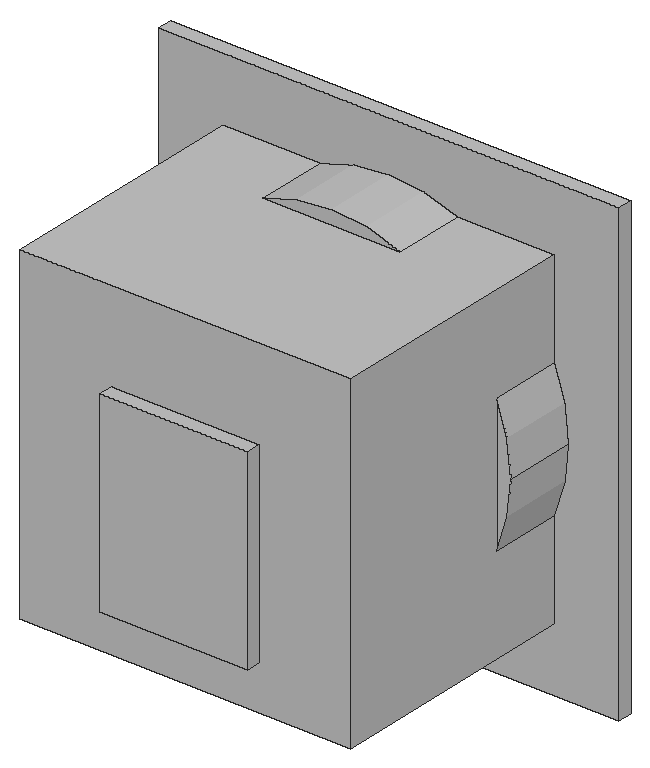
Revit family "ewf_ewg_ewh_ewj-20_105a_b_y_sa2_ta(40a)2(-60)_60Hz", category 機械設備, Revit 2019
Family settings
  丸型コネクタ寸法 = 直径を使用
  パーツ タイプ = 標準
  OmniClass 番号 = 23.75.35.21.17
  OmniClass タイトル = Industrial Ventilating Equipment
  作業面ベース = いいえ
  常に垂直 = はい
  ロード時にボイドで切り取り = はい
  共有 = いいえ
  部屋計算ポイント = はい
Parameters (values of type "EWF-20YSA2")
  騒音レベル(dB(A)) [instance] = 31
  風量 [instance] = 設計風量  # 0.0 m³/h
  電源種別 [instance] = ""
  電圧 = 100 V
  電動機出力 = 15 W
  電動機_種別 [instance] = ""
  銘板表示 = not(モーター表示)  # yes
  銘板_Width = 102.6 mm
  銘板_Height = 136 mm
  銘板_H = 52 mm
  運転質量 = 0.00 kg
  連動 [instance] = ""
  質量 = if(製品質量 > 運転質量, 製品質量, 運転質量) * 1.2  # 3.84 kg
  負荷分類 = 3_ファン類
  説明 = "産業用有圧換気扇 低騒音形 排気専用"
  設計風量 [instance] = 0.0 m³/h
  設置方法 = "壁付"
  記号 [instance] = ""
  製造元 = "三菱電機株式会社"
  製品質量 = 3.20 kg
  製品出荷対象 = "国内"
  製品リリース年月 = "2022年6月1日"
  製品グループ = ""
  羽根径 = "∅200"
  レグ_Depth = 187 mm
  系統 [instance] = ""
  符号 [instance] = if(☑給気／□排気, "FS", "FE")  # "FE"
  積算_科目 = ""
  積算_拾い区分 [instance] = ""
  相 = 1
  盤記号 [instance] = ""
  盤工事区分 = ""
  発停方法 [instance] = ""
  特殊仕様 [instance] = ""
  火災停止 [instance] = ""
  消費電力 = 28 W
  法定耐用年数 = "15"
  極数 = 2
  極 = 4
  材質 [instance] = ""
  操作・制御方式 = ""
  操作・制御スイッチ = ""
  排気量 [instance] = if(☑給気／□排気, 0.0 m³/h, 設計風量)  # 0.0 m³/h
  形式 = ""
  幹線記号 [instance] = ""
  対象室 [instance] = ""
  実風量 [instance] = 0.0 m³/h
  始動方式 [instance] = "直入"
  外気量 [instance] = if(☑給気／□排気, 設計風量, 0.0 m³/h)  # 0.0 m³/h
  呼称 = "有圧扇"
  周波数 = 60 Hz
  参照している仕様書等のバージョン = ""
  分類コード = "50052503100110"
  分類グループ = ""
  価格 = 41300
  企業コード = "108420"
  付属品_防振装置 = ""
  付属品 [instance] = ""
  仕様書バージョン = "Version1.0"
  レグ_Width = 230 mm
  レグ_Height = 230 mm
  モーター径 = 5 mm
  モーター表示 = no
  モデル = "EWF-20YSA2"
  フレームの厚さ = 10 mm
  ファンの種類 = "軸流羽根"
  コメント [instance] = ""
  Keynote = ""
  オリフィス_Depth = 60 mm
  ☑給気／□排気 [instance] = no
  Width = 320 mm
  Version = ""
  Uniclass2015Version = "Systems v1.9"
  Uniclass2015Title = "Propeller fans"
  Uniclass2015Code = "Pr_65_67_29_67"
  URL = "https://www.mitsubishielectric.co.jp/ldg/wink/ssl/displayProduct.do?pid=318606"
  SpecificationReference = ""
  SpecificationDescription = ""
  Revision = ""
  ProductInformation = ""
  OmniClassCode = "23-33 31 19 11 17"
  MIN風量 = 0.0 m³/h
  MID風量 = 0.0 m³/h
  MAX風量 = 780.0 m³/h
  IfcTypeProduct = ""
  IfcProduct = ""
  IfcExportType = "TUBEAXIAL"
  IfcExportAs = "IfcFanType"
  Height = 320 mm
  オリフィス径 = 249 mm
  Depth = 197 mm
  Author = "三菱電機株式会社"
Types (68, lengths in mm): name | 騒音レベル(dB(A)) | 電圧 | 電動機出力 | 銘板表示 | 銘板_Width | 銘板_Height | 銘板_H | 質量 | 製品質量 | 羽根径 | レグ_Depth | 相 | 消費電力 | 極数 | 極 | 価格 | レグ_Width | レグ_Height | モーター径 | モーター表示 | モデル | フレームの厚さ | オリフィス_Depth | Width | URL | MAX風量 | Height | オリフィス径 | Depth
  EWF-20YSA2 | 31 | 100 V | 15 W | yes | 102.6 | 136 | 52 | 3.84 kg | 3.20 kg | "∅200" | 187 | 1 | 28 W | 2 | 4 | 41300 | 230 | 230 | 5 | no | "EWF-20YSA2" | 10 | 60 | 320 | "https://www.mitsubishielectric.co.jp/ldg/wink/ssl/displayProduct.do?pid=318606" | 780.0 m³/h | 320 | 249 | 197
  EWF-25ASA2 | 34.5 | 100 V | 25 W | yes | 120 | 153 | 60 | 4.68 kg | 3.90 kg | "∅250" | 184.8 | 1 | 50 W | 2 | 4 | 44000 | 280 | 280 | 5 | no | "EWF-25ASA2" | 10 | 65 | 370 | "https://www.mitsubishielectric.co.jp/ldg/wink/ssl/displayProduct.do?pid=318608" | 1320.0 m³/h | 370 | 310 | 201
  EWF-30BSA2 | 39.5 | 100 V | 50 W | yes | 120 | 153 | 60 | 6.84 kg | 5.70 kg | "∅300" | 180.5 | 1 | 65 W | 2 | 4 | 56400 | 330 | 330 | 5 | no | "EWF-30BSA2" | 10 | 69 | 420 | "https://www.mitsubishielectric.co.jp/ldg/wink/ssl/displayProduct.do?pid=318800" | 1980.0 m³/h | 420 | 359 | 197
  EWF-35CSA2 | 42.5 | 100 V | 100 W | yes | 120 | 153 | 60 | 7.92 kg | 6.60 kg | "∅350" | 189.8 | 1 | 113 W | 2 | 4 | 75000 | 385 | 385 | 5 | no | "EWF-35CSA2" | 10 | 93 | 470 | "https://www.mitsubishielectric.co.jp/ldg/wink/ssl/displayProduct.do?pid=318806" | 2880.0 m³/h | 470 | 419 | 208
  EWF-35DSA2 | 45.5 | 100 V | 150 W | yes | 148 | 181 | 73 | 11.28 kg | 9.40 kg | "∅350" | 226.9 | 1 | 175 W | 2 | 4 | 82500 | 385 | 385 | 5 | no | "EWF-35DSA2" | 10 | 93 | 470 | "https://www.mitsubishielectric.co.jp/ldg/wink/ssl/displayProduct.do?pid=318758" | 3600.0 m³/h | 470 | 419 | 259
  EWF-40DSA2 | 46 | 100 V | 200 W | yes | 148 | 181 | 73 | 14.52 kg | 12.10 kg | "∅400" | 237.4 | 1 | 202 W | 2 | 4 | 97000 | 413 | 413 | 5 | no | "EWF-40DSA2" | 10 | 99 | 520 | "https://www.mitsubishielectric.co.jp/ldg/wink/ssl/displayProduct.do?pid=318764" | 4320.0 m³/h | 520 | 480 | 266
  EWG-40BSA2 | 36 | 100 V | 50 W | yes | 120 | 153 | 60 | 10.08 kg | 8.40 kg | "∅400" | 207 | 1 | 70 W | 2 | 6 | 81100 | 413 | 413 | 5 | no | "EWG-40BSA2" | 10 | 99 | 520 | "https://www.mitsubishielectric.co.jp/ldg/wink/ssl/displayProduct.do?pid=319071" | 2700.0 m³/h | 520 | 480 | 223
  EWG-40CSA2 | 39.5 | 100 V | 100 W | yes | 148 | 181 | 73 | 14.64 kg | 12.20 kg | "∅400" | 256.4 | 1 | 131 W | 2 | 6 | 94900 | 413 | 413 | 5 | no | "EWG-40CSA2" | 10 | 99 | 520 | "https://www.mitsubishielectric.co.jp/ldg/wink/ssl/displayProduct.do?pid=319075" | 3780.0 m³/h | 520 | 480 | 285
  EWF-45ESA2 | 50 | 100 V | 400 W | yes | 178 | 211 | 88 | 22.80 kg | 19.00 kg | "∅450" | 274 | 1 | 390 W | 2 | 4 | 122000 | 522 | 522 | 5 | no | "EWF-45ESA2" | 10 | 111 | 620 | "https://www.mitsubishielectric.co.jp/ldg/wink/ssl/displayProduct.do?pid=319058" | 6370.0 m³/h | 620 | 540 | 307
  EWG-45DSA2 | 44 | 100 V | 200 W | yes | 178 | 211 | 88 | 20.76 kg | 17.30 kg | "∅450" | 274 | 1 | 220 W | 2 | 6 | 111000 | 522 | 522 | 5 | no | "EWG-45DSA2" | 10 | 111 | 620 | "https://www.mitsubishielectric.co.jp/ldg/wink/ssl/displayProduct.do?pid=319080" | 5000.0 m³/h | 620 | 540 | 307
  EWF-25ATA2_200V | 34.5 | 200 V | 25 W | yes | 120 | 153 | 60 | 5.64 kg | 4.70 kg | "∅250" | 184.8 | 3 | 39 W | 3 | 4 | 44000 | 280 | 280 | 5 | no | "EWF-25ATA2" | 10 | 65 | 370 | "https://www.mitsubishielectric.co.jp/ldg/wink/ssl/displayProduct.do?pid=318610" | 1320.0 m³/h | 370 | 310 | 201
  EWF-30BTA2_200V | 39.5 | 200 V | 50 W | yes | 120 | 153 | 60 | 6.84 kg | 5.70 kg | "∅300" | 180.5 | 3 | 64 W | 3 | 4 | 56400 | 330 | 330 | 5 | no | "EWF-30BTA2" | 10 | 69 | 420 | "https://www.mitsubishielectric.co.jp/ldg/wink/ssl/displayProduct.do?pid=318802" | 1980.0 m³/h | 420 | 359 | 197
  EWF-35CTA2_200V | 42.5 | 200 V | 100 W | yes | 120 | 153 | 60 | 7.92 kg | 6.60 kg | "∅350" | 189.8 | 3 | 101 W | 3 | 4 | 75000 | 385 | 385 | 5 | no | "EWF-35CTA2" | 10 | 93 | 470 | "https://www.mitsubishielectric.co.jp/ldg/wink/ssl/displayProduct.do?pid=318754" | 2880.0 m³/h | 470 | 419 | 208
  EWF-35DTA2_200V | 45.5 | 200 V | 150 W | yes | 148 | 181 | 73 | 11.28 kg | 9.40 kg | "∅350" | 226.9 | 3 | 168 W | 3 | 4 | 82500 | 385 | 385 | 5 | no | "EWF-35DTA2" | 10 | 93 | 470 | "https://www.mitsubishielectric.co.jp/ldg/wink/ssl/displayProduct.do?pid=318760" | 3600.0 m³/h | 470 | 419 | 259
  EWF-40DTA2_200V | 46 | 200 V | 200 W | yes | 148 | 181 | 73 | 14.76 kg | 12.30 kg | "∅400" | 237.4 | 3 | 188 W | 3 | 4 | 97000 | 413 | 413 | 5 | no | "EWF-40DTA2" | 10 | 99 | 520 | "https://www.mitsubishielectric.co.jp/ldg/wink/ssl/displayProduct.do?pid=319047" | 4320.0 m³/h | 520 | 480 | 266
  EWF-40ETA2_200V | 49.5 | 200 V | 400 W | no | 5 | 5 | 5 | 16.20 kg | 13.50 kg | "∅400" | 262.4 | 3 | 340 W | 3 | 4 | 106000 | 413 | 413 | 131 | yes | "EWF-40ETA2" | 10 | 99 | 520 | "https://www.mitsubishielectric.co.jp/ldg/wink/ssl/displayProduct.do?pid=319051" | 5520.0 m³/h | 520 | 480 | 291
  EWG-40BTA2_200V | 35 | 200 V | 50 W | yes | 120 | 153 | 60 | 9.72 kg | 8.10 kg | "∅400" | 207 | 3 | 67 W | 3 | 6 | 81100 | 413 | 413 | 5 | no | "EWG-40BTA2" | 10 | 99 | 520 | "https://www.mitsubishielectric.co.jp/ldg/wink/ssl/displayProduct.do?pid=319073" | 2460.0 m³/h | 520 | 480 | 223
  EWG-40CTA2_200V | 39.5 | 200 V | 100 W | no | 5 | 5 | 5 | 14.40 kg | 12.00 kg | "∅400" | 251.3 | 3 | 128 W | 3 | 6 | 94900 | 413 | 413 | 131 | yes | "EWG-40CTA2" | 10 | 99 | 520 | "https://www.mitsubishielectric.co.jp/ldg/wink/ssl/displayProduct.do?pid=319077" | 3780.0 m³/h | 520 | 480 | 280
  EWF-45ETA2_200V | 51 | 200 V | 400 W | no | 5 | 5 | 5 | 20.76 kg | 17.30 kg | "∅450" | 286.4 | 3 | 390 W | 3 | 4 | 122000 | 522 | 522 | 131 | yes | "EWF-45ETA2" | 10 | 111 | 620 | "https://www.mitsubishielectric.co.jp/ldg/wink/ssl/displayProduct.do?pid=319060" | 6700.0 m³/h | 620 | 540 | 315
  EWG-45DTA2_200V | 44 | 200 V | 200 W | no | 5 | 5 | 5 | 18.24 kg | 15.20 kg | "∅450" | 280.4 | 3 | 190 W | 3 | 6 | 111000 | 514 | 514 | 131 | yes | "EWG-45DTA2" | 10 | 111 | 620 | "https://www.mitsubishielectric.co.jp/ldg/wink/ssl/displayProduct.do?pid=319082" | 5100.0 m³/h | 620 | 540 | 309
  EWF-25ATA2_220V | 35 | 220 V | 25 W | yes | 120 | 153 | 60 | 5.64 kg | 4.70 kg | "∅250" | 184.8 | 3 | 45 W | 3 | 4 | 44000 | 280 | 280 | 5 | no | "EWF-25ATA2" | 10 | 65 | 370 | "https://www.mitsubishielectric.co.jp/ldg/wink/ssl/displayProduct.do?pid=318610" | 1320.0 m³/h | 370 | 310 | 201
  EWF-30BTA2_220V | 40 | 220 V | 50 W | yes | 120 | 153 | 60 | 6.84 kg | 5.70 kg | "∅300" | 180.5 | 3 | 69 W | 3 | 4 | 56400 | 330 | 330 | 5 | no | "EWF-30BTA2" | 10 | 69 | 420 | "https://www.mitsubishielectric.co.jp/ldg/wink/ssl/displayProduct.do?pid=318802" | 1980.0 m³/h | 420 | 359 | 197
  EWF-35CTA2_220V | 42.5 | 220 V | 100 W | yes | 120 | 153 | 60 | 7.92 kg | 6.60 kg | "∅350" | 189.8 | 3 | 112 W | 3 | 4 | 75000 | 385 | 385 | 5 | no | "EWF-35CTA2" | 10 | 93 | 470 | "https://www.mitsubishielectric.co.jp/ldg/wink/ssl/displayProduct.do?pid=318754" | 2880.0 m³/h | 470 | 419 | 208
  EWF-35DTA2_220V | 45.5 | 220 V | 150 W | yes | 148 | 181 | 73 | 11.28 kg | 9.40 kg | "∅350" | 226.9 | 3 | 176 W | 3 | 4 | 82500 | 385 | 385 | 5 | no | "EWF-35DTA2" | 10 | 93 | 470 | "https://www.mitsubishielectric.co.jp/ldg/wink/ssl/displayProduct.do?pid=318760" | 3600.0 m³/h | 470 | 419 | 259
  EWF-40DTA2_220V | 46 | 220 V | 200 W | yes | 148 | 181 | 73 | 14.76 kg | 12.30 kg | "∅400" | 237.4 | 3 | 198 W | 3 | 4 | 97000 | 413 | 413 | 5 | no | "EWF-40DTA2" | 10 | 99 | 520 | "https://www.mitsubishielectric.co.jp/ldg/wink/ssl/displayProduct.do?pid=319047" | 4320.0 m³/h | 520 | 480 | 266
  EWF-40ETA2_220V | 50 | 220 V | 400 W | no | 5 | 5 | 5 | 16.20 kg | 13.50 kg | "∅400" | 262.4 | 3 | 350 W | 3 | 4 | 106000 | 413 | 413 | 131 | yes | "EWF-40ETA2" | 10 | 99 | 520 | "https://www.mitsubishielectric.co.jp/ldg/wink/ssl/displayProduct.do?pid=319051" | 5520.0 m³/h | 520 | 480 | 291
  EWG-40BTA2_220V | 35 | 220 V | 50 W | yes | 120 | 153 | 60 | 9.72 kg | 8.10 kg | "∅400" | 207 | 3 | 75 W | 3 | 6 | 81100 | 413 | 413 | 5 | no | "EWG-40BTA2" | 10 | 99 | 520 | "https://www.mitsubishielectric.co.jp/ldg/wink/ssl/displayProduct.do?pid=319073" | 2460.0 m³/h | 520 | 480 | 223
  EWG-40CTA2_220V | 39.5 | 220 V | 100 W | no | 5 | 5 | 5 | 14.40 kg | 12.00 kg | "∅400" | 251.3 | 3 | 136 W | 3 | 6 | 94900 | 413 | 413 | 131 | yes | "EWG-40CTA2" | 10 | 99 | 520 | "https://www.mitsubishielectric.co.jp/ldg/wink/ssl/displayProduct.do?pid=319077" | 3780.0 m³/h | 520 | 480 | 280
  EWF-45ETA2_220V | 51.5 | 220 V | 400 W | no | 5 | 5 | 5 | 20.76 kg | 17.30 kg | "∅450" | 286.4 | 3 | 405 W | 3 | 4 | 122000 | 522 | 522 | 131 | yes | "EWF-45ETA2" | 10 | 111 | 620 | "https://www.mitsubishielectric.co.jp/ldg/wink/ssl/displayProduct.do?pid=319060" | 6700.0 m³/h | 620 | 540 | 315
  EWG-45DTA2_220V | 44 | 220 V | 200 W | no | 5 | 5 | 5 | 18.24 kg | 15.20 kg | "∅450" | 280.4 | 3 | 200 W | 3 | 6 | 111000 | 514 | 514 | 131 | yes | "EWG-45DTA2" | 10 | 111 | 620 | "https://www.mitsubishielectric.co.jp/ldg/wink/ssl/displayProduct.do?pid=319082" | 5100.0 m³/h | 620 | 540 | 309
  EWF-50FTA2_200V | 53.5 | 200 V | 750 W | no | 5 | 5 | 5 | 23.28 kg | 19.40 kg | "∅500" | 266.4 | 3 | 520 W | 3 | 4 | 134000 | 522 | 522 | 131 | yes | "EWF-50FTA2" | 10 | 84 | 620 | "https://www.mitsubishielectric.co.jp/ldg/wink/ssl/displayProduct.do?pid=319062" | 8280.0 m³/h | 620 | 590 | 295
  EWG-50DTA2_200V | 44.5 | 200 V | 200 W | no | 5 | 5 | 5 | 19.80 kg | 16.50 kg | "∅500" | 266.4 | 3 | 185 W | 3 | 6 | 108000 | 514 | 514 | 131 | yes | "EWG-50DTA2" | 10 | 84 | 620 | "https://www.mitsubishielectric.co.jp/ldg/wink/ssl/displayProduct.do?pid=319084" | 5640.0 m³/h | 620 | 590 | 295
  EWG-50ETA2_200V | 46.5 | 200 V | 400 W | no | 5 | 5 | 5 | 21.84 kg | 18.20 kg | "∅500" | 286.4 | 3 | 335 W | 3 | 6 | 125000 | 514 | 514 | 131 | yes | "EWG-50ETA2" | 10 | 84 | 620 | "https://www.mitsubishielectric.co.jp/ldg/wink/ssl/displayProduct.do?pid=318815" | 7140.0 m³/h | 620 | 590 | 315
  EWF-60HTA2_200V | 62.5 | 200 V | 2200 W | no | 5 | 5 | 5 | 34.80 kg | 29.00 kg | "∅600" | 228 | 3 | 1080 W | 3 | 4 | 234000 | 605 | 605 | 202 | yes | "EWF-60HTA2" | 10 | 120 | 710 | "https://www.mitsubishielectric.co.jp/ldg/wink/ssl/displayProduct.do?pid=319069" | 15000.0 m³/h | 710 | 703 | 313
  EWG-60ETA2_200V | 49.5 | 200 V | 400 W | no | 5 | 5 | 5 | 23.88 kg | 19.90 kg | "∅600" | 262.4 | 3 | 335 W | 3 | 6 | 139000 | 604 | 604 | 131 | yes | "EWG-60ETA2" | 10 | 119 | 710 | "https://www.mitsubishielectric.co.jp/ldg/wink/ssl/displayProduct.do?pid=318818" | 9210.0 m³/h | 710 | 703 | 291
  EWG-60FTA2_200V | 51 | 200 V | 750 W | no | 5 | 5 | 5 | 30.00 kg | 25.00 kg | "∅600" | 308.6 | 3 | 585 W | 3 | 6 | 165000 | 612 | 612 | 163 | yes | "EWG-60FTA2" | 10 | 119 | 710 | "https://www.mitsubishielectric.co.jp/ldg/wink/ssl/displayProduct.do?pid=318821" | 11160.0 m³/h | 710 | 703 | 347
  EWF-50FTA2_220V | 53.5 | 220 V | 750 W | no | 5 | 5 | 5 | 23.28 kg | 19.40 kg | "∅500" | 266.4 | 3 | 549 W | 3 | 4 | 134000 | 522 | 522 | 131 | yes | "EWF-50FTA2" | 10 | 84 | 620 | "https://www.mitsubishielectric.co.jp/ldg/wink/ssl/displayProduct.do?pid=319062" | 8280.0 m³/h | 620 | 590 | 295
  EWG-50DTA2_220V | 44.5 | 220 V | 200 W | no | 5 | 5 | 5 | 19.80 kg | 16.50 kg | "∅500" | 266.4 | 3 | 195 W | 3 | 6 | 108000 | 514 | 514 | 131 | yes | "EWG-50DTA2" | 10 | 84 | 620 | "https://www.mitsubishielectric.co.jp/ldg/wink/ssl/displayProduct.do?pid=319084" | 5640.0 m³/h | 620 | 590 | 295
  EWG-50ETA2_220V | 46.5 | 220 V | 400 W | no | 5 | 5 | 5 | 21.84 kg | 18.20 kg | "∅500" | 286.4 | 3 | 351 W | 3 | 6 | 125000 | 514 | 514 | 131 | yes | "EWG-50ETA2" | 10 | 84 | 620 | "https://www.mitsubishielectric.co.jp/ldg/wink/ssl/displayProduct.do?pid=318815" | 7140.0 m³/h | 620 | 590 | 315
  EWF-60HTA2_220V | 63 | 220 V | 2200 W | no | 5 | 5 | 5 | 34.80 kg | 29.00 kg | "∅600" | 228 | 3 | 1100 W | 3 | 4 | 234000 | 605 | 605 | 202 | yes | "EWF-60HTA2" | 10 | 120 | 710 | "https://www.mitsubishielectric.co.jp/ldg/wink/ssl/displayProduct.do?pid=319069" | 15000.0 m³/h | 710 | 703 | 313
  EWG-60ETA2_220V | 49.5 | 220 V | 400 W | no | 5 | 5 | 5 | 23.88 kg | 19.90 kg | "∅600" | 262.4 | 3 | 350 W | 3 | 6 | 139000 | 604 | 604 | 131 | yes | "EWG-60ETA2" | 10 | 119 | 710 | "https://www.mitsubishielectric.co.jp/ldg/wink/ssl/displayProduct.do?pid=318818" | 9210.0 m³/h | 710 | 703 | 291
  EWG-60FTA2_220V | 51 | 220 V | 750 W | no | 5 | 5 | 5 | 30.00 kg | 25.00 kg | "∅600" | 308.6 | 3 | 611 W | 3 | 6 | 165000 | 612 | 612 | 163 | yes | "EWG-60FTA2" | 10 | 119 | 710 | "https://www.mitsubishielectric.co.jp/ldg/wink/ssl/displayProduct.do?pid=318821" | 11160.0 m³/h | 710 | 703 | 347
  EWG-70JTA2-60_200V | 64.5 | 200 V | 3700 W | no | 5 | 5 | 5 | 66.00 kg | 55.00 kg | "∅700" | 325 | 3 | 1980 W | 3 | 6 | 383000 | 714 | 714 | 289 | yes | "EWG-70JTA2-60" | 35 | 90 | 860 | "https://www.mitsubishielectric.co.jp/ldg/wink/ssl/displayProduct.do?pid=318975" | 23300.0 m³/h | 860 | 846 | 406
  EWG-80LTA2-60_200V | 69 | 200 V | 7500 W | no | 5 | 5 | 5 | 87.60 kg | 73.00 kg | "∅800" | 353 | 3 | 3390 W | 3 | 6 | 530000 | 782 | 782 | 289 | yes | "EWG-80LTA2-60" | 35 | 96 | 950 | "https://www.mitsubishielectric.co.jp/ldg/wink/ssl/displayProduct.do?pid=318981" | 32200.0 m³/h | 950 | 938 | 450
  EWH-80JTA2-60_200V | 61.5 | 200 V | 3700 W | no | 5 | 5 | 5 | 87.60 kg | 73.00 kg | "∅800" | 353 | 3 | 1540 W | 3 | 8 | 504000 | 782 | 782 | 231 | yes | "EWH-80JTA2-60" | 35 | 96 | 950 | "https://www.mitsubishielectric.co.jp/ldg/wink/ssl/displayProduct.do?pid=318991" | 24000.0 m³/h | 950 | 938 | 450
  EWH-105MTA2-60_200V | 70 | 200 V | 11000 W | no | 5 | 5 | 5 | 163.20 kg | 136.00 kg | "∅1050" | 436 | 3 | 4670 W | 3 | 8 | 985000 | 1106 | 1106 | 305 | yes | "EWH-105MTA2-60" | 50 | 200 | 1280 | "https://www.mitsubishielectric.co.jp/ldg/wink/ssl/displayProduct.do?pid=318987" | 50500.0 m³/h | 1280 | 1260 | 545
  EWJ-105JTA2-60_200V | 63 | 200 V | 3700 W | no | 5 | 5 | 5 | 156.00 kg | 130.00 kg | "∅1050" | 424 | 3 | 2450 W | 3 | 10 | 838000 | 1098 | 1098 | 262 | yes | "EWJ-105JTA2-60" | 50 | 200 | 1280 | "https://www.mitsubishielectric.co.jp/ldg/wink/ssl/displayProduct.do?pid=318995" | 40600.0 m³/h | 1280 | 1260 | 545
  EWG-70JTA2-60_220V | 65 | 220 V | 3700 W | no | 5 | 5 | 5 | 66.00 kg | 55.00 kg | "∅700" | 325 | 3 | 2070 W | 3 | 6 | 383000 | 714 | 714 | 289 | yes | "EWG-70JTA2-60" | 35 | 90 | 860 | "https://www.mitsubishielectric.co.jp/ldg/wink/ssl/displayProduct.do?pid=318975" | 23300.0 m³/h | 860 | 846 | 406
  EWG-80LTA2-60_220V | 70 | 220 V | 7500 W | no | 5 | 5 | 5 | 87.60 kg | 73.00 kg | "∅800" | 353 | 3 | 3450 W | 3 | 6 | 530000 | 782 | 782 | 289 | yes | "EWG-80LTA2-60" | 35 | 96 | 950 | "https://www.mitsubishielectric.co.jp/ldg/wink/ssl/displayProduct.do?pid=318981" | 32200.0 m³/h | 950 | 938 | 450
  EWH-80JTA2-60_220V | 62.5 | 220 V | 3700 W | no | 5 | 5 | 5 | 87.60 kg | 73.00 kg | "∅800" | 353 | 3 | 1650 W | 3 | 8 | 504000 | 782 | 782 | 231 | yes | "EWH-80JTA2-60" | 35 | 96 | 950 | "https://www.mitsubishielectric.co.jp/ldg/wink/ssl/displayProduct.do?pid=318991" | 24000.0 m³/h | 950 | 938 | 450
  EWH-105MTA2-60_220V | 70.5 | 220 V | 11000 W | no | 5 | 5 | 5 | 163.20 kg | 136.00 kg | "∅1050" | 436 | 3 | 4980 W | 3 | 8 | 985000 | 1106 | 1106 | 305 | yes | "EWH-105MTA2-60" | 50 | 200 | 1280 | "https://www.mitsubishielectric.co.jp/ldg/wink/ssl/displayProduct.do?pid=318987" | 50500.0 m³/h | 1280 | 1260 | 545
  EWJ-105JTA2-60_220V | 63.5 | 220 V | 3700 W | no | 5 | 5 | 5 | 156.00 kg | 130.00 kg | "∅1050" | 424 | 3 | 2480 W | 3 | 10 | 838000 | 1098 | 1098 | 262 | yes | "EWJ-105JTA2-60" | 50 | 200 | 1280 | "https://www.mitsubishielectric.co.jp/ldg/wink/ssl/displayProduct.do?pid=318995" | 40600.0 m³/h | 1280 | 1260 | 545
  EWF-25ATA40A2_400V | 34.5 | 400 V | 25 W | yes | 120 | 153 | 60 | 5.52 kg | 4.60 kg | "∅250" | 184.8 | 3 | 41 W | 3 | 4 | 48100 | 280 | 280 | 5 | no | "EWF-25ATA40A2" | 10 | 65 | 370 | "https://www.mitsubishielectric.co.jp/ldg/wink/ssl/displayProduct.do?pid=318798" | 1320.0 m³/h | 370 | 310 | 201
  EWF-30BTA40A2_400V | 40 | 400 V | 50 W | yes | 120 | 153 | 60 | 6.84 kg | 5.70 kg | "∅300" | 180.5 | 3 | 71 W | 3 | 4 | 62600 | 330 | 330 | 5 | no | "EWF-30BTA40A2" | 10 | 69 | 420 | "https://www.mitsubishielectric.co.jp/ldg/wink/ssl/displayProduct.do?pid=318804" | 1980.0 m³/h | 420 | 359 | 197
  EWF-35CTA40A2_400V | 44.5 | 400 V | 100 W | yes | 120 | 153 | 60 | 7.92 kg | 6.60 kg | "∅350" | 189.8 | 3 | 106 W | 3 | 4 | 82500 | 385 | 385 | 5 | no | "EWF-35CTA40A2" | 10 | 93 | 470 | "https://www.mitsubishielectric.co.jp/ldg/wink/ssl/displayProduct.do?pid=318756" | 2880.0 m³/h | 470 | 419 | 208
  EWF-35DTA40A2_400V | 46 | 400 V | 150 W | yes | 148 | 181 | 73 | 11.28 kg | 9.40 kg | "∅350" | 226.9 | 3 | 173 W | 3 | 4 | 90800 | 385 | 385 | 5 | no | "EWF-35DTA40A2" | 10 | 93 | 470 | "https://www.mitsubishielectric.co.jp/ldg/wink/ssl/displayProduct.do?pid=318762" | 3600.0 m³/h | 470 | 419 | 259
  EWF-40DTA40A2_400V | 46 | 400 V | 200 W | yes | 148 | 181 | 73 | 14.76 kg | 12.30 kg | "∅400" | 237.4 | 3 | 180 W | 3 | 4 | 105000 | 413 | 413 | 5 | no | "EWF-40DTA40A2" | 10 | 99 | 520 | "https://www.mitsubishielectric.co.jp/ldg/wink/ssl/displayProduct.do?pid=319049" | 4320.0 m³/h | 520 | 480 | 266
  EWF-40ETA40A2_400V | 50.5 | 400 V | 400 W | no | 5 | 5 | 5 | 16.20 kg | 13.50 kg | "∅400" | 262.4 | 3 | 340 W | 3 | 4 | 117000 | 413 | 413 | 131 | yes | "EWF-40ETA40A2" | 10 | 99 | 520 | "https://www.mitsubishielectric.co.jp/ldg/wink/ssl/displayProduct.do?pid=319056" | 5520.0 m³/h | 520 | 480 | 291
  EWF-50FTA40A2_400V | 53.5 | 400 V | 750 W | no | 5 | 5 | 5 | 23.28 kg | 19.40 kg | "∅500" | 266.4 | 3 | 500 W | 3 | 4 | 146000 | 522 | 522 | 131 | yes | "EWF-50FTA40A2" | 10 | 84 | 620 | "https://www.mitsubishielectric.co.jp/ldg/wink/ssl/displayProduct.do?pid=319067" | 8280.0 m³/h | 620 | 590 | 295
  EWG-60FTA40A2_400V | 51.5 | 400 V | 750 W | no | 5 | 5 | 5 | 30.00 kg | 25.00 kg | "∅600" | 308.6 | 3 | 580 W | 3 | 6 | 181000 | 612 | 612 | 163 | yes | "EWG-60FTA40A2" | 10 | 119 | 710 | "https://www.mitsubishielectric.co.jp/ldg/wink/ssl/displayProduct.do?pid=318826" | 11160.0 m³/h | 710 | 703 | 347
  EWF-25ATA40A2_440V | 35.5 | 440 V | 25 W | yes | 120 | 153 | 60 | 5.52 kg | 4.60 kg | "∅250" | 184.8 | 3 | 44 W | 3 | 4 | 48100 | 280 | 280 | 5 | no | "EWF-25ATA40A2" | 10 | 65 | 370 | "https://www.mitsubishielectric.co.jp/ldg/wink/ssl/displayProduct.do?pid=318798" | 1320.0 m³/h | 370 | 310 | 201
  EWF-30BTA40A2_440V | 40.5 | 440 V | 50 W | yes | 120 | 153 | 60 | 6.84 kg | 5.70 kg | "∅300" | 180.5 | 3 | 78 W | 3 | 4 | 62600 | 330 | 330 | 5 | no | "EWF-30BTA40A2" | 10 | 69 | 420 | "https://www.mitsubishielectric.co.jp/ldg/wink/ssl/displayProduct.do?pid=318804" | 1980.0 m³/h | 420 | 359 | 197
  EWF-35CTA40A2_440V | 44.5 | 440 V | 100 W | yes | 120 | 153 | 60 | 7.92 kg | 6.60 kg | "∅350" | 189.8 | 3 | 114 W | 3 | 4 | 82500 | 385 | 385 | 5 | no | "EWF-35CTA40A2" | 10 | 93 | 470 | "https://www.mitsubishielectric.co.jp/ldg/wink/ssl/displayProduct.do?pid=318756" | 2880.0 m³/h | 470 | 419 | 208
  EWF-35DTA40A2_440V | 46.5 | 440 V | 150 W | yes | 148 | 181 | 73 | 11.28 kg | 9.40 kg | "∅350" | 226.9 | 3 | 180 W | 3 | 4 | 90800 | 385 | 385 | 5 | no | "EWF-35DTA40A2" | 10 | 93 | 470 | "https://www.mitsubishielectric.co.jp/ldg/wink/ssl/displayProduct.do?pid=318762" | 3600.0 m³/h | 470 | 419 | 259
  EWF-40DTA40A2_440V | 46.5 | 440 V | 200 W | yes | 148 | 181 | 73 | 14.76 kg | 12.30 kg | "∅400" | 237.4 | 3 | 187 W | 3 | 4 | 105000 | 413 | 413 | 5 | no | "EWF-40DTA40A2" | 10 | 99 | 520 | "https://www.mitsubishielectric.co.jp/ldg/wink/ssl/displayProduct.do?pid=319049" | 4320.0 m³/h | 520 | 480 | 266
  EWF-40ETA40A2_440V | 51 | 440 V | 400 W | no | 5 | 5 | 5 | 16.20 kg | 13.50 kg | "∅400" | 262.4 | 3 | 340 W | 3 | 4 | 117000 | 413 | 413 | 131 | yes | "EWF-40ETA40A2" | 10 | 99 | 520 | "https://www.mitsubishielectric.co.jp/ldg/wink/ssl/displayProduct.do?pid=319056" | 5520.0 m³/h | 520 | 480 | 291
  EWF-50FTA40A2_440V | 54 | 440 V | 750 W | no | 5 | 5 | 5 | 23.28 kg | 19.40 kg | "∅500" | 266.4 | 3 | 510 W | 3 | 4 | 146000 | 522 | 522 | 131 | yes | "EWF-50FTA40A2" | 10 | 84 | 620 | "https://www.mitsubishielectric.co.jp/ldg/wink/ssl/displayProduct.do?pid=319067" | 8280.0 m³/h | 620 | 590 | 295
  EWG-60FTA40A2_440V | 51.5 | 440 V | 750 W | no | 5 | 5 | 5 | 30.00 kg | 25.00 kg | "∅600" | 308.6 | 3 | 600 W | 3 | 6 | 181000 | 612 | 612 | 163 | yes | "EWG-60FTA40A2" | 10 | 119 | 710 | "https://www.mitsubishielectric.co.jp/ldg/wink/ssl/displayProduct.do?pid=318826" | 11160.0 m³/h | 710 | 703 | 347
Reference planes
  plane 1 "中心(正面/背面)": y = 0
  plane 2: z = 0
  plane 3 "中心(左/右)": x = 0
  plane 4: z = 0
  plane 5: through (212.832, -1524, 243.759) normal (-0.6508, 0, -0.7593)
  plane 6: through (-212.884, -1524, -243.751) normal (0.6508, 0, 0.7593)
  plane 7: through (208.307, -1524, -247.63) normal (-0.6508, 0, 0.7593)
  plane 8: z = 160
  plane 9: z = -160
  plane 10 "左": x = -160
  plane 11 "右": x = 160
  plane 12 "正面": y = -197
  plane 13: y = -10
  plane 14: through (-208.307, -1524, -247.63) normal (-0.6508, 0, -0.7593)
  plane 15: y = 53
  plane 16: y = 153
  plane 17: x = -250
  plane 18: x = 250
  plane 19: y = -60
  plane 20: y = -187
  plane 21: x = 51.3
  plane 22: x = -51.3
  plane 23: z = 52
  plane 24: z = -84
  plane 25: x = -115
  plane 26: x = 115
  plane 27: z = 115
  plane 28: z = -115
Forms (mm)
  Extrusion 1, solid, detail levels fine
    sketch origin (0, 0, 0) x (1, 0, 0) y (0, 1, 0)
      loop
        line (-160, 0) -> (-160, -10) -> (160, -10) -> (160, 0) -> (-160, 0)
    from -160 to 160
  Extrusion 2, solid, visible <- "モーター表示", detail levels fine
    sketch origin (140, -23.659, 0) x (-1, 0, 0) y (0, 0, -1)
      loop
        circle (140, 0) r 2.5
    from 163.341 to 173.341
  Extrusion 3, solid
    sketch origin (0, -153.783, 0) x (1, 0, 0) y (0, 0, 1)
      loop
        circle (0, 0) r 124.5
    from -143.783 to -93.783
  Extrusion 4, solid, visible <- "銘板表示", detail levels fine
    sketch origin (0, 0, 0) x (1, 0, 0) y (0, 0, 1)
      loop
        line (-51.3, 52) -> (-51.3, -84) -> (51.3, -84) -> (51.3, 52) -> (-51.3, 52)
    from 187 to 197
  Extrusion 5, solid
    sketch origin (0, 0, 0) x (1, 0, 0) y (0, 0, 1)
      loop
        line (-115, 115) -> (-115, -115) -> (115, -115) -> (115, 115) -> (-115, 115)
    from 10 to 187
Cuts and joins
  joined: Extrusion 3, Extrusion 5
Lines and regions (mm)
  Masking region 1, detail levels coarse+medium
    outline origin (0, 0, 0) x (1, 0, 0) y (0, 1, 0)
      loop
        line (-250, -197) -> (250, -197) -> (250, 53) -> (-250, 53) -> (-250, -197)
  Masking region 2, detail levels coarse+medium
    outline origin (0, 0, 0) x (1, 0, 0) y (0, 1, 0)
      loop
        line (-124, 53) -> (124, 53) -> (124, 153) -> (-124, 153) -> (-124, 53)
  symbolic lines, detail levels coarse+medium
    curve 1: circle (124, -203, 0) r 115 normal (0, 0, 1)
    curve 2: circle (-124, -203, 0) r 115 normal (0, 0, -1)
Dimensions and locks
  level to plane 4 = 0 mm
  equal spacing: plane 8, level, plane 9
  "Depth": plane 12 "正面" to plane 1 "中心(正面/背面)"  (x2)
  "Width": plane 10 "左" to plane 11 "右"
  "Height": plane 8 to plane 9
  "フレームの厚さ": plane 13 to plane 1 "中心(正面/背面)"
  plane 12 "正面" to plane 15 to plane 16 = 250 mm locked, 100 mm locked
  locked: plane 17 to plane 18 at 500
  "オリフィス_Depth": plane 1 "中心(正面/背面)" to plane 19
  "レグ_Depth": plane 1 "中心(正面/背面)" to plane 20
  equal spacing: plane 10 "左", plane 3 "中心(左/右)", plane 11 "右"
  equal spacing: plane 21, plane 3 "中心(左/右)", plane 22
  "銘板_Width": plane 21 to plane 22
  "銘板_H": plane 23 to level
  "銘板_Height": plane 23 to plane 24
  equal spacing: plane 26, plane 3 "中心(左/右)", plane 25
  "レグ_Width": plane 26 to plane 25
  equal spacing: plane 27, level, plane 28
  "レグ_Height": plane 27 to plane 28
  "オリフィス径": diameter of Extrusion 3 sketch curve
  "モーター径": diameter of Extrusion 2 sketch curve
  aligned and locked: level to plane 2
  aligned and locked: Extrusion 1 to plane 8
  aligned and locked: plane 10 "左" to Extrusion 1
  aligned and locked: Extrusion 1 to plane 11 "右"
  aligned and locked: plane 9 to Extrusion 1
  aligned and locked: Extrusion 1 to plane 13
  aligned and locked: Extrusion 1 to plane 1 "中心(正面/背面)"  (x5)
  aligned and locked: plane 12 "正面" to Extrusion 2
  aligned and locked: plane 1 "中心(正面/背面)" to Extrusion 1  (x2)
  aligned and locked: plane 4 to Extrusion 2 sketch curve
  aligned and locked: plane 12 "正面" to Masking region 1 sketch curve
  aligned and locked: Masking region 1 sketch curve to plane 17
  aligned and locked: plane 15 to Masking region 1 sketch curve
  aligned and locked: plane 18 to Masking region 1 sketch curve
  aligned and locked: Masking region 2 sketch curve to plane 15
  aligned and locked: plane 16 to Masking region 2 sketch curve
  aligned and locked: Extrusion 3 to Extrusion 1
  aligned and locked: Extrusion 3 to plane 19
  aligned and locked: plane 20 to Extrusion 2
  aligned and locked: Extrusion 4 sketch curve to plane 23
  aligned and locked: plane 22 to Extrusion 4 sketch curve
  aligned and locked: plane 24 to Extrusion 4 sketch curve
  aligned and locked: Extrusion 4 sketch curve to plane 21
  aligned and locked: plane 12 "正面" to Extrusion 4
  aligned and locked: plane 20 to Extrusion 4
  aligned and locked: Extrusion 5 to Extrusion 2
  aligned and locked: Extrusion 5 to Extrusion 1
  aligned and locked: Extrusion 5 to plane 25
  aligned and locked: plane 27 to Extrusion 5
  aligned and locked: plane 26 to Extrusion 5
  aligned and locked: Extrusion 5 to plane 28
Automatic sketch dimensions
  Extrusion 1 sketch curve to plane 10 "左" = 0 mm
  Extrusion 1 sketch curve to plane 11 "右" = 0 mm
  Extrusion 1 sketch curve to plane 13 = 0 mm
  plane 1 "中心(正面/背面)" to Extrusion 1 sketch curve = 0 mm
  Extrusion 3 sketch curve to level = 0 mm
  Extrusion 3 sketch curve to plane 3 "中心(左/右)" = 0 mm
  curve 2 to plane 20 = 16 mm
  curve 1 to plane 20 = 16 mm
  curve 2 to plane 10 "左" = 36 mm
  Masking region 2 sketch curve to plane 10 "左" = 36 mm
  plane 11 "右" to curve 1 = 36 mm
  plane 11 "右" to Masking region 2 sketch curve = 36 mm
  Extrusion 2 sketch curve to plane 3 "中心(左/右)" = 0 mm
  Extrusion 5 sketch curve to plane 25 = 0 mm
  plane 26 to Extrusion 5 sketch curve = 0 mm
  Extrusion 5 sketch curve to plane 28 = 0 mm
  plane 27 to Extrusion 5 sketch curve = 0 mm
  radius of curve 1 = 115 mm
  radius of curve 2 = 115 mm
Connectors
  electrical at (160, -5, 0), driven by "電圧", driven by "負荷分類", driven by "消費電力", driven by "極数"
    settings: on Extrusion 1, index 2, voltage 100 V, apparent load 28 VA, apparent load phase1 0 VA, apparent load phase2 0 VA, apparent load phase3 0 VA, power factor 1, load classification "3_ファン類", number of poles 2, system type 30, power factor state 1, is connector primary yes, connector utility no, sub classification motor no, connector description ""
